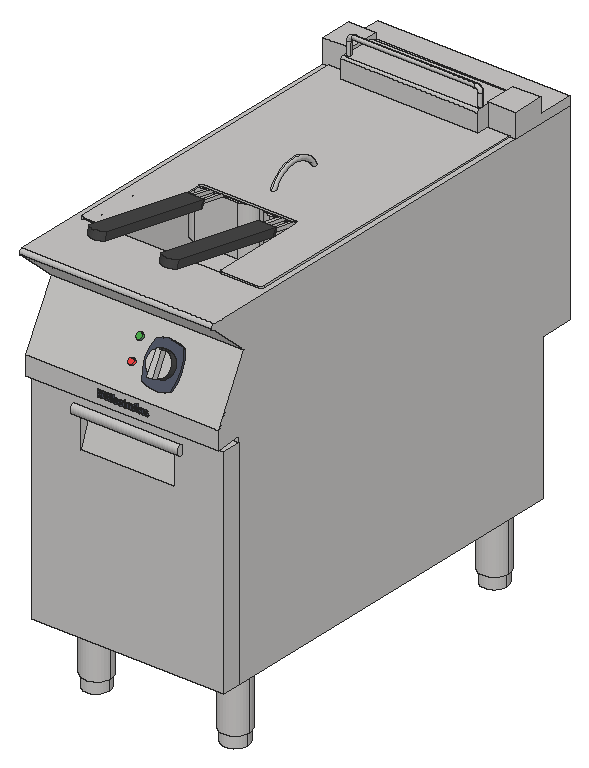
Revit family "QF_ELECTROLUXPROFESSIONAL_391094_E9FRED1HF0", category Specialty Equipment, Revit 2018 (continued)
Automatic sketch dimensions
  Extrusion 30 sketch curve to Extrusion 30 sketch curve = 0.682 mm
  Extrusion 30 sketch curve to Extrusion 30 sketch curve = 5.934 mm
  Extrusion 30 sketch curve to Extrusion 30 sketch curve = 2.186 mm
  Extrusion 30 sketch curve to Extrusion 30 sketch curve = 0.337 mm
  Extrusion 30 sketch curve to Extrusion 30 sketch curve = 0.021 mm
  Extrusion 30 sketch curve to Extrusion 30 sketch curve = 1.005 mm
  Extrusion 30 sketch curve to Extrusion 30 sketch curve = 0.552 mm
  Extrusion 30 sketch curve to Extrusion 30 sketch curve = 0.778 mm
  Extrusion 30 sketch curve to Extrusion 30 sketch curve = 0.063 mm
  Extrusion 30 sketch curve to Extrusion 30 sketch curve = 1.023 mm
  Extrusion 30 sketch curve to Extrusion 30 sketch curve = 3.804 mm
  Extrusion 30 sketch curve to Extrusion 30 sketch curve = 0.486 mm
  Extrusion 30 sketch curve to Extrusion 30 sketch curve = 0.266 mm
  Extrusion 30 sketch curve to Extrusion 30 sketch curve = 1.547 mm
  Extrusion 30 sketch curve to Extrusion 30 sketch curve = 0.717 mm  (x2)
  Extrusion 30 sketch curve to Extrusion 30 sketch curve = 1.667 mm
  Extrusion 30 sketch curve to Extrusion 30 sketch curve = 3.174 mm
  Extrusion 30 sketch curve to Extrusion 30 sketch curve = 0.388 mm
  Extrusion 30 sketch curve to Extrusion 30 sketch curve = 1.342 mm
  Extrusion 30 sketch curve to Extrusion 30 sketch curve = 1.521 mm
  Extrusion 30 sketch curve to Extrusion 30 sketch curve = 0.124 mm
  Extrusion 30 sketch curve to Extrusion 30 sketch curve = 0.291 mm
  Extrusion 30 sketch curve to Extrusion 30 sketch curve = 1.049 mm  (x2)
  Extrusion 30 sketch curve to Extrusion 30 sketch curve = 1.7 mm
  Extrusion 30 sketch curve to Extrusion 30 sketch curve = 0.894 mm
  Extrusion 30 sketch curve to Extrusion 30 sketch curve = 0.989 mm
  Extrusion 30 sketch curve to Extrusion 30 sketch curve = 1.168 mm
  Extrusion 30 sketch curve to Extrusion 30 sketch curve = 1.594 mm
  Extrusion 30 sketch curve to Extrusion 30 sketch curve = 0.731 mm
  Extrusion 30 sketch curve to Extrusion 30 sketch curve = 1.566 mm
  Extrusion 30 sketch curve to Extrusion 30 sketch curve = 0.064 mm
  Extrusion 30 sketch curve to Extrusion 30 sketch curve = 0.556 mm  (x2)
  Extrusion 30 sketch curve to Extrusion 30 sketch curve = 0.48 mm
  Extrusion 30 sketch curve to Extrusion 30 sketch curve = 1.018 mm
  Extrusion 30 sketch curve to Extrusion 30 sketch curve = 0.787 mm
  Extrusion 30 sketch curve to Extrusion 30 sketch curve = 0.618 mm
  Extrusion 30 sketch curve to Extrusion 30 sketch curve = 1.672 mm
  Extrusion 30 sketch curve to Extrusion 30 sketch curve = 1.361 mm
  Extrusion 30 sketch curve to Extrusion 30 sketch curve = 0.822 mm
  Extrusion 30 sketch curve to Extrusion 30 sketch curve = 0.069 mm
  Extrusion 30 sketch curve to Extrusion 30 sketch curve = 1.88 mm
  Extrusion 30 sketch curve to Extrusion 30 sketch curve = 0.42 mm
  Extrusion 30 sketch curve to Extrusion 30 sketch curve = 0.062 mm
  Extrusion 30 sketch curve to Extrusion 30 sketch curve = 1.355 mm
  Extrusion 30 sketch curve to Extrusion 30 sketch curve = 2.34 mm
  Extrusion 30 sketch curve to Extrusion 30 sketch curve = 0.493 mm
  Extrusion 30 sketch curve to Extrusion 30 sketch curve = 0.136 mm
  Extrusion 30 sketch curve to Extrusion 30 sketch curve = 0.128 mm
  Extrusion 30 sketch curve to Extrusion 30 sketch curve = 3.616 mm
  Extrusion 30 sketch curve to Extrusion 30 sketch curve = 4.207 mm
  Extrusion 30 sketch curve to Extrusion 30 sketch curve = 0.183 mm
  Extrusion 30 sketch curve to Extrusion 30 sketch curve = 0.895 mm
  Extrusion 30 sketch curve to Extrusion 30 sketch curve = 1.314 mm
  Extrusion 30 sketch curve to Extrusion 30 sketch curve = 3.231 mm
  Extrusion 30 sketch curve to Extrusion 30 sketch curve = 1.299 mm
  Extrusion 30 sketch curve to Extrusion 30 sketch curve = 1.214 mm
  Extrusion 30 sketch curve to Extrusion 30 sketch curve = 1.264 mm
  Extrusion 30 sketch curve to Extrusion 30 sketch curve = 0.109 mm
  Extrusion 30 sketch curve to Extrusion 30 sketch curve = 0.357 mm
  Extrusion 30 sketch curve to Extrusion 30 sketch curve = 0.565 mm
  Extrusion 30 sketch curve to Extrusion 30 sketch curve = 2.504 mm
  Extrusion 30 sketch curve to Extrusion 30 sketch curve = 2.459 mm
  Extrusion 1 to Extrusion 30 sketch curve = 144.64 mm
  Extrusion 30 sketch curve to Extrusion 30 sketch curve = 0.208 mm
  Extrusion 30 sketch curve to Extrusion 30 sketch curve = 0.468 mm  (x2)
  Extrusion 30 sketch curve to Extrusion 30 sketch curve = 1.559 mm
  Extrusion 30 sketch curve to Extrusion 30 sketch curve = 0.422 mm  (x2)
  Extrusion 30 sketch curve to Extrusion 30 sketch curve = 0.494 mm
  Extrusion 30 sketch curve to Extrusion 30 sketch curve = 3.927 mm
  Extrusion 30 sketch curve to Extrusion 30 sketch curve = 0.782 mm
  Extrusion 30 sketch curve to Extrusion 30 sketch curve = 1.268 mm
  Extrusion 30 sketch curve to Extrusion 30 sketch curve = 0.671 mm
  Extrusion 30 sketch curve to Extrusion 30 sketch curve = 0.777 mm
  Extrusion 30 sketch curve to Extrusion 30 sketch curve = 0.704 mm
  Extrusion 30 sketch curve to Extrusion 30 sketch curve = 0.781 mm  (x2)
  Extrusion 30 sketch curve to Extrusion 30 sketch curve = 1.634 mm
  Extrusion 30 sketch curve to Extrusion 30 sketch curve = 0.132 mm
  Extrusion 30 sketch curve to Extrusion 30 sketch curve = 3.136 mm
  Extrusion 30 sketch curve to Extrusion 30 sketch curve = 2.422 mm
  Extrusion 30 sketch curve to Extrusion 30 sketch curve = 0.586 mm
  Extrusion 30 sketch curve to Extrusion 30 sketch curve = 2.046 mm  (x2)
  Extrusion 30 sketch curve to Extrusion 30 sketch curve = 1.241 mm
  Extrusion 30 sketch curve to Extrusion 30 sketch curve = 1.689 mm
  Extrusion 30 sketch curve to Extrusion 30 sketch curve = 2.859 mm
  Extrusion 30 sketch curve to Extrusion 30 sketch curve = 0.627 mm
  Extrusion 30 sketch curve to Extrusion 30 sketch curve = 0.863 mm
  Extrusion 30 sketch curve to Extrusion 30 sketch curve = 0.419 mm
  Extrusion 30 sketch curve to Extrusion 30 sketch curve = 1.514 mm
  Extrusion 30 sketch curve to Extrusion 30 sketch curve = 1.019 mm
  Extrusion 30 sketch curve to Extrusion 30 sketch curve = 0.065 mm
  Extrusion 30 sketch curve to Extrusion 30 sketch curve = 1.215 mm
  Extrusion 30 sketch curve to Extrusion 30 sketch curve = 2.708 mm
  Extrusion 30 sketch curve to Extrusion 30 sketch curve = 1.122 mm
  Extrusion 30 sketch curve to Extrusion 30 sketch curve = 1.153 mm
  Extrusion 30 sketch curve to Extrusion 30 sketch curve = 3.009 mm
  Extrusion 30 sketch curve to Extrusion 30 sketch curve = 0.829 mm  (x2)
  Extrusion 30 sketch curve to Extrusion 30 sketch curve = 0.934 mm
  Extrusion 30 sketch curve to Extrusion 30 sketch curve = 3.376 mm
  Extrusion 30 sketch curve to Extrusion 30 sketch curve = 0.222 mm
  Extrusion 30 sketch curve to Extrusion 30 sketch curve = 1.383 mm
  Extrusion 30 sketch curve to Extrusion 30 sketch curve = 1.556 mm
  Extrusion 30 sketch curve to Extrusion 30 sketch curve = 2.559 mm
  Extrusion 30 sketch curve to Extrusion 30 sketch curve = 2.51 mm
  Extrusion 30 sketch curve to Extrusion 30 sketch curve = 0.131 mm
  Extrusion 30 sketch curve to Extrusion 30 sketch curve = 1.717 mm
  Extrusion 30 sketch curve to Extrusion 30 sketch curve = 1.134 mm
  Extrusion 30 sketch curve to Extrusion 30 sketch curve = 0.366 mm
  Extrusion 30 sketch curve to Extrusion 30 sketch curve = 0.094 mm
  Extrusion 30 sketch curve to Extrusion 30 sketch curve = 1.584 mm
  Extrusion 30 sketch curve to Extrusion 30 sketch curve = 1.501 mm
  Extrusion 30 sketch curve to Extrusion 30 sketch curve = 0.27 mm
  Extrusion 30 sketch curve to Extrusion 30 sketch curve = 1.808 mm
  Extrusion 30 sketch curve to Extrusion 30 sketch curve = 0.643 mm
  Extrusion 30 sketch curve to Extrusion 30 sketch curve = 0.916 mm
  Extrusion 30 sketch curve to Extrusion 30 sketch curve = 0.352 mm
  Extrusion 30 sketch curve to Extrusion 30 sketch curve = 0.458 mm
  Extrusion 30 sketch curve to Extrusion 30 sketch curve = 1.282 mm
  Extrusion 30 sketch curve to Extrusion 30 sketch curve = 1.363 mm
  Extrusion 30 sketch curve to Extrusion 30 sketch curve = 0.685 mm
  Extrusion 30 sketch curve to Extrusion 30 sketch curve = 0.905 mm
  Extrusion 30 sketch curve to Extrusion 30 sketch curve = 2.865 mm
  Extrusion 30 sketch curve to Extrusion 30 sketch curve = 0.472 mm
  Extrusion 30 sketch curve to Extrusion 30 sketch curve = 0.101 mm
  Extrusion 30 sketch curve to Extrusion 30 sketch curve = 0.54 mm
  Extrusion 30 sketch curve to Extrusion 30 sketch curve = 0.02 mm
  Extrusion 30 sketch curve to Extrusion 30 sketch curve = 0.582 mm
  Extrusion 30 sketch curve to Extrusion 30 sketch curve = 0.166 mm
  Extrusion 30 sketch curve to Extrusion 30 sketch curve = 0.16 mm
  Extrusion 30 sketch curve to Extrusion 30 sketch curve = 2.781 mm
  Extrusion 30 sketch curve to Extrusion 30 sketch curve = 1.118 mm
  Extrusion 30 sketch curve to Extrusion 30 sketch curve = 0.613 mm
  Extrusion 30 sketch curve to Extrusion 30 sketch curve = 0.361 mm
  Extrusion 30 sketch curve to Extrusion 30 sketch curve = 0.897 mm
  Extrusion 30 sketch curve to Extrusion 30 sketch curve = 0.167 mm
  Extrusion 30 sketch curve to Extrusion 30 sketch curve = 0.292 mm
  Extrusion 30 sketch curve to Extrusion 30 sketch curve = 0.305 mm
  Extrusion 30 sketch curve to Extrusion 30 sketch curve = 1.557 mm
  Extrusion 30 sketch curve to Extrusion 30 sketch curve = 2.499 mm
  Extrusion 30 sketch curve to Extrusion 30 sketch curve = 3.062 mm
  Extrusion 30 sketch curve to Extrusion 30 sketch curve = 2.968 mm
  Extrusion 30 sketch curve to Extrusion 30 sketch curve = 5.044 mm
  Extrusion 30 sketch curve to Extrusion 30 sketch curve = 0.629 mm  (x2)
  Extrusion 30 sketch curve to Extrusion 30 sketch curve = 1.131 mm
  Extrusion 30 sketch curve to Extrusion 30 sketch curve = 0.137 mm
  Extrusion 30 sketch curve to Extrusion 30 sketch curve = 0.027 mm
  Extrusion 30 sketch curve to Extrusion 30 sketch curve = 2.235 mm
  Extrusion 32 sketch curve to plane 23 = 0 mm
  plane 16 to Extrusion 32 sketch curve = 24 mm
  Extrusion 32 sketch curve to plane 15 = 24 mm
  Extrusion 32 sketch curve to plane 5 "FRONT" = 30 mm
  radius of Sweep 4 sketch curve = 4.353 mm
  radius of Sweep 5 sketch curve = 3.827 mm
  radius of Extrusion 7 sketch curve = 25.4 mm
  radius of Extrusion 8 sketch curve to Extrusion 7 = 0 mm  (x2)
  radius of Extrusion 9 sketch curve = 6.35 mm
  radius of Extrusion 10 sketch curve = 6.35 mm
  radius of Extrusion 31 sketch curve = 6.35 mm
Connectors
  electrical at (355, -650, 142), driven by "Volts", driven by "Watts"
    settings: on Extrusion 31, index 1, voltage 400 V, apparent load 0 VA, apparent load phase1 0 VA, apparent load phase2 0 VA, apparent load phase3 0 VA, power factor 1, load classification "Other", number of poles 1, system type 30, power factor state 1, is connector primary yes, connector utility no, sub classification motor no, connector description "ELECTRICAL CONNECTION"
